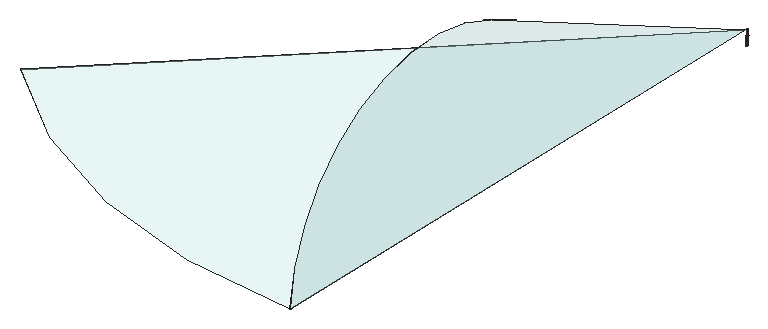
Revit family "Rotor 5000 Series - 5006+PCSAMRSS", category Acessórios do tubo, Revit 2020
Family settings
  Cota do conector redondo = Utilizar diâmetro
  Tipo de parte = Normal
  Número OmniClass = 23.60.30.11.14
  Título OmniClass = Pipework Fittings
  Com base no plano de trabalho = Não
  Sempre na vertical = Sim
  Corte com vazios quando carregada = Não
  Compartilhado = Não
Parameters (values of type "Rain Curtain 6.0")
  Water = Water
  URL = "https://www.rainbird.com/"
  TABLE 65 = "TABLE 65psi"
  TABLE 55 75 = "TABLE 55 75psi"
  TABLE 55 = "TABLE 55psi"
  TABLE 45 = "TABLE 45psi"
  TABLE 35 = "TABLE 35psi"
  TABLE 25 = "TABLE 25psi"
  SupportProjetos: Reviw Date = ""  # constant formula
  SupportProjetos: Reviw = "R00"  # constant formula
  SupportProjetos: Level of Detail = "LOD 300"  # constant formula
  SupportProjetos: Developed = "MICHEL SOARES MOTA"  # constant formula
  SupportProjetos: Creation Date = "07/08/2020"  # constant formula
  Side inlet = no
  Rotation Water Visibility [instance] = Pop up on  # yes
  Rotation Angle [instance] = 45.00°
  RainBird: Product Link = "https://www.rainbird.com/"
  RainBird: Description = "5006+PC-SAM-R-SS Rotor "  # constant formula
  RainBird: Comment [instance] = ""
  RainBird: Code = "Y65950SS"  # constant formula
  Radius [instance] = if(and(Pressure = 25.0 psi, Instance < 25 ft), size_lookup(TABLE 25, "Radius", 0 ft, Instance), if(and(Pressure = 35.0 psi, Instance < 25 ft), size_lookup(TABLE 35, "Radius", 0 ft, Instance), if(and(Pressure = 45.0 psi, Instance < 25 ft), size_lookup(TABLE 45, "Radius", 0 ft, Instance), if(and(Pressure = 55.0 psi, Instance < 13 ft), size_lookup(TABLE 55, "Radius", 0 ft, Instance), if(and(Pressure = 65.0 psi, Instance < 13 ft), size_lookup(TABLE 65, "Radius", 0 ft, Instance), if(and(Pressure > 55.0 psi, Instance > 13 ft), size_lookup(TABLE 55 75, "Radius", 0 ft, Instance), 0 ft))))))  # 50 ft
  RT = 0.009893 ft
  RN = 0.032808 ft
  R5 = 0.03937 ft
  R4 = 0.04101 ft
  R3 = 0.065617 ft
  R2 = 0.075407 ft
  R1 = 0.032808 ft
  Pressure [instance] = 55.0 psi
  Pop up height = 0.499 ft  # constant formula
  Pop up on [instance] = yes
  Modelo = "5006+PCSAMRSS"  # constant formula
  Instance = 7 ft
  H1 = Body height / 3  # 0.268 ft
  Flow [instance] = if(and(Pressure = 25.0 psi, Instance < 25 ft), size_lookup(TABLE 25, "Flow", 0.0 GPM, Instance), if(and(Pressure = 35.0 psi, Instance < 25 ft), size_lookup(TABLE 35, "Flow", 0.0 GPM, Instance), if(and(Pressure = 45.0 psi, Instance < 25 ft), size_lookup(TABLE 45, "Flow", 0.0 GPM, Instance), if(and(Pressure = 55.0 psi, Instance < 13 ft), size_lookup(TABLE 55, "Flow", 0.0 GPM, Instance), if(and(Pressure = 65.0 psi, Instance < 13 ft), size_lookup(TABLE 65, "Flow", 0.0 GPM, Instance), if(and(Pressure > 55.0 psi, Instance > 13 ft), size_lookup(TABLE 55 75, "Flow", 0.0 GPM, Instance), 0.0 GPM))))))  # 6.63 GPM
  Fabricante = "Rain Bird"
  Elevação padrão = 0 ft
  Description = RainBird: Description  # "5006+PC-SAM-R-SS Rotor "
  DD13 = 0.002625 ft
  DD12 = 0.003937 ft
  DD11 = 0.009897 ft
  DD10 = 0.016404 ft
  DD8 [instance] = if(Pop up on, Pop up height, 0 ft)  # 0.499 ft
  DD7 = 0.019685 ft
  DD6 [instance] = 0.016404 ft
  DD5 = 0.065617 ft
  DD4 = 0.032808 ft
  DD3 = 0.091048 ft
  DD2 [instance] = 0.024514 ft
  DD9 [instance] = if(Pop up on, Pop up height + 0.049541 ft, 0 ft)  # 0.548541 ft
  DD1 = 0.006562 ft
  Conection = 0.062664 ft  # constant formula
  Body height = 0.804 ft  # constant formula
  Blue = Blue Plastic
  Black Plastic = Black Plastic
  Angle = 25.00°
Types (25, lengths in ft): name | Rotation Angle | Radius | Pressure | Instance | Flow
  (no name) | 45.00° | 50 | 55.0 psi | 7 | 6.63 GPM
  Rain Curtain 1.5 | 180.00° | 33 | 25.0 psi | 1 | 1.12 GPM
  Rain Curtain 2.0 | 180.00° | 35 | 25.0 psi | 2 | 1.5 GPM
  Rain Curtain 3.0 | 180.00° | 36 | 25.0 psi | 4 | 2.26 GPM
  Rain Curtain 4.0 | 180.00° | 36 | 25.0 psi | 5 | 2.91 GPM
  Rain Curtain 5.0 | 180.00° | 37 | 25.0 psi | 6 | 3.72 GPM
  Rain Curtain 6.0 | 45.00° | 50 | 55.0 psi | 7 | 6.63 GPM
  Rain Curtain 8.0 | 180.00° | 33 | 25.0 psi | 8 | 5.9 GPM
  Rain Curtain 2.5 | 180.00° | 35 | 25.0 psi | 3 | 1.81 GPM
  1.0 LA | 180.00° | 25 | 25.0 psi | 9 | 0.76 GPM
  1.5 LA | 180.00° | 27 | 25.0 psi | 10 | 1.15 GPM
  2.0 LA | 180.00° | 29 | 25.0 psi | 11 | 1.47 GPM
  3.0 LA | 180.00° | 29 | 25.0 psi | 12 | 2.23 GPM
  PRS Rain Curtain 1.5 | 180.00° | 33 | 25.0 psi | 13 | 1.12 GPM
  PRS Rain Curtain 2.0 | 180.00° | 35 | 25.0 psi | 14 | 1.5 GPM
  PRS Rain Curtain 2.5 | 180.00° | 35 | 25.0 psi | 15 | 1.81 GPM
  PRS Rain Curtain 3.0 | 180.00° | 36 | 25.0 psi | 16 | 2.26 GPM
  PRS Rain Curtain 4.0 | 180.00° | 36 | 25.0 psi | 17 | 2.91 GPM
  PRS Rain Curtain 5.0 | 180.00° | 37 | 25.0 psi | 18 | 3.72 GPM
  PRS Rain Curtain 6.0 | 180.00° | 37 | 25.0 psi | 19 | 4.25 GPM
  PRS Rain Curtain 8.0 | 180.00° | 33 | 25.0 psi | 20 | 5.9 GPM
  PRS 1.0 LA | 180.00° | 25 | 25.0 psi | 21 | 0.76 GPM
  PRS 1.5 LA | 180.00° | 27 | 25.0 psi | 22 | 1.15 GPM
  PRS 2.0 LA | 180.00° | 29 | 25.0 psi | 23 | 1.47 GPM
  PRS 3.0 LA | 180.00° | 29 | 25.0 psi | 24 | 2.23 GPM
Reference planes (ft)
  plane 1 "Centro (Frente/Trás)": y = 0
  plane 2: z = 0
  plane 3 "Centro (Esquerda/Direita)": x = 0
  plane 4: z = 0.003937
  plane 5: z = 0.002625
  plane 6: y = -0.065617
Forms (ft)
  Revolve 1, solid, material "Black Plastic" <- "Black Plastic"
    sketch origin (0, 0, 0) x (1, 0, 0) y (0, 0, 1)
      loop
        line (0.075407, -0.091048) -> (0.075407, -0.035324)
        arc (0.075407, -0.035324) -> (0.072509, -0.028329) -> (0.065514, -0.025431) r 0.009893
        line (0.065514, -0.025431) -> (0.046098, -0.025431) -> (0.046098, 0) -> (0.03937, 0) -> (0.03937, -0.499) -> (0.019685, -0.499) -> (0.019685, -0.797438) -> (0.032808, -0.797438) -> (0.032808, -0.804) -> (0.04101, -0.804) -> (0.04101, -0.797438) -> (0.055724, -0.797438)
        arc (0.055724, -0.797438) -> (0.062719, -0.794541) -> (0.065617, -0.787545) r 0.009893
        line (0.065617, -0.787545) -> (0.065617, -0.091048) -> (0.075407, -0.091048)
      axis (0, -0.804) -> (0, 0)
    angle from 0 to 360
  Extrusion 2, solid, material "Black Plastic" <- "Black Plastic"
    sketch origin (0, 0, 0) x (1, 0, 0) y (0, 1, 0)
      loop
        circle (0, 0) r 0.032808
    from -0.499 to 0.499
  Extrusion 3, void
    sketch origin (0, 0, 0) x (1, 0, 0) y (0, 1, 0)
      loop
        circle (0, 0) r 0.022844
    from -0.499 to 0.499
  Revolve 4, solid, material "Black Plastic" <- "Black Plastic"
    sketch origin (0, 0, 0) x (1, 0, 0) y (0, 0, 1)
      loop
        line (0, 0.499) -> (0.037004, 0.499) -> (0.037004, 0.508897)
        arc (0.037004, 0.508897) -> (0.01879, 0.51379) -> (0, 0.515404) r 0.10685
        line (0, 0.515404) -> (0, 0.499)
      axis (0, 0.499) -> (0, 0.515404)
    angle from 0 to 360
  Extrusion 5, solid, material "Blue Plastic" <- "Blue"
    sketch origin (0, 0, 0) x (1, 0, 0) y (0, 0, 1)
      loop
        circle (0, 0.474486) r 0.009129
      loop
        circle (0, 0.474486) r 0.004793
    from 0 to 0.034386
  Extrusion 6, void
    sketch origin (0, 0, 0) x (1, 0, 0) y (0, 0, 1)
      loop
        line (-0.02074, 0.328055) -> (-0.02074, 0.282426) -> (0.020672, 0.282426) -> (0.020672, 0.328055) -> (-0.02074, 0.328055)
      loop
        line (-0.018439, 0.325179) -> (-0.018439, 0.285685) -> (0.018179, 0.285685) -> (0.018179, 0.325179) -> (-0.018439, 0.325179)
    from 0.024556 to 0.06931
  Extrusion 7, solid, material "Black Plastic" <- "Black Plastic"
    sketch origin (0, 0, 0) x (1, 0, 0) y (0, 0, 1)
      loop
        line (0.046098, 0) -> (0.046098, -0.036876) -> (0.073493, -0.036876) -> (0.046098, 0)
    from -0.002998 to 0.002998
  Extrusion 8, solid, material "Black Plastic" <- "Black Plastic"
    sketch origin (0, 0, 0) x (-1, 0, 0) y (0, 0, -1)
      loop
        line (0.046098, 0) -> (0.073493, 0.036876) -> (0.046098, 0.036876) -> (0.046098, 0)
    from -0.002998 to 0.002998
  Extrusion 9, solid, material "Black Plastic" <- "Black Plastic"
    sketch origin (0, 0, 0) x (0.866025, 0.5, 0) y (0, 0, 1)
      loop
        line (0.046098, 0) -> (0.046098, -0.036876) -> (0.073493, -0.036876) -> (0.046098, 0)
    from -0.002998 to 0.002998
  Extrusion 10, solid, material "Black Plastic" <- "Black Plastic"
    sketch origin (0, 0, 0) x (-0.866025, -0.5, 0) y (0, 0, -1)
      loop
        line (0.046098, 0) -> (0.073493, 0.036876) -> (0.046098, 0.036876) -> (0.046098, 0)
    from -0.002998 to 0.002998
  Extrusion 11, solid, material "Black Plastic" <- "Black Plastic"
    sketch origin (0, 0, 0) x (0, 1, 0) y (0, 0, 1)
      loop
        line (0.046098, 0) -> (0.046098, -0.036876) -> (0.073493, -0.036876) -> (0.046098, 0)
    from -0.002998 to 0.002998
  Extrusion 12, solid, material "Black Plastic" <- "Black Plastic"
    sketch origin (0, 0, 0) x (0, -1, 0) y (0, 0, -1)
      loop
        line (0.046098, 0) -> (0.073493, 0.036876) -> (0.046098, 0.036876) -> (0.046098, 0)
    from -0.002998 to 0.002998
  Extrusion 13, solid, material "Black Plastic" <- "Black Plastic"
    sketch origin (0, 0, 0) x (0.5, 0.866025, 0) y (0, 0, 1)
      loop
        line (0.046098, 0) -> (0.046098, -0.036876) -> (0.073493, -0.036876) -> (0.046098, 0)
    from -0.002998 to 0.002998
  Extrusion 14, solid, material "Black Plastic" <- "Black Plastic"
    sketch origin (0, 0, 0) x (-0.5, -0.866025, 0) y (0, 0, -1)
      loop
        line (0.046098, 0) -> (0.073493, 0.036876) -> (0.046098, 0.036876) -> (0.046098, 0)
    from -0.002998 to 0.002998
  Extrusion 15, solid, material "Black Plastic" <- "Black Plastic"
    sketch origin (0, 0, 0) x (-0.5, 0.866025, 0) y (0, 0, 1)
      loop
        line (0.046098, 0) -> (0.046098, -0.036876) -> (0.073493, -0.036876) -> (0.046098, 0)
    from -0.002998 to 0.002998
  Extrusion 16, solid, material "Black Plastic" <- "Black Plastic"
    sketch origin (0, 0, 0) x (0.5, -0.866025, 0) y (0, 0, -1)
      loop
        line (0.046098, 0) -> (0.073493, 0.036876) -> (0.046098, 0.036876) -> (0.046098, 0)
    from -0.002998 to 0.002998
  Extrusion 17, solid, material "Black Plastic" <- "Black Plastic"
    sketch origin (0, 0, 0) x (-0.866025, 0.5, 0) y (0, 0, 1)
      loop
        line (0.046098, 0) -> (0.046098, -0.036876) -> (0.073493, -0.036876) -> (0.046098, 0)
    from -0.002998 to 0.002998
  Extrusion 18, solid, material "Black Plastic" <- "Black Plastic"
    sketch origin (0, 0, 0) x (0.866025, -0.5, 0) y (0, 0, -1)
      loop
        line (0.046098, 0) -> (0.073493, 0.036876) -> (0.046098, 0.036876) -> (0.046098, 0)
    from -0.002998 to 0.002998
  Extrusion 19, void
    sketch origin (0, 0, 0) x (1, 0, 0) y (0, 1, 0)
      loop
        line (-0.002998, 0.077702) -> (-0.002998, 0.071655) -> (0.002998, 0.071655) -> (0.002998, 0.077702) -> (-0.002998, 0.077702)
    from -0.091048 to 0.82021
  Extrusion 20, void
    sketch origin (0, 0, 0) x (1, 0, 0) y (0, 1, 0)
      loop
        line (0.002998, -0.077702) -> (0.002998, -0.071655) -> (-0.002998, -0.071655) -> (-0.002998, -0.077702) -> (0.002998, -0.077702)
    from -0.091048 to 0.82021
  Extrusion 21, void
    sketch origin (0, 0, 0) x (0.965926, 0.258819, 0) y (-0.258819, 0.965926, 0)
      loop
        line (-0.002998, 0.077702) -> (-0.002998, 0.071655) -> (0.002998, 0.071655) -> (0.002998, 0.077702) -> (-0.002998, 0.077702)
    from -0.091048 to 0.82021
  Extrusion 22, void
    sketch origin (0, 0, 0) x (0.965926, 0.258819, 0) y (-0.258819, 0.965926, 0)
      loop
        line (0.002998, -0.077702) -> (0.002998, -0.071655) -> (-0.002998, -0.071655) -> (-0.002998, -0.077702) -> (0.002998, -0.077702)
    from -0.091048 to 0.82021
  Extrusion 23, void
    sketch origin (0, 0, 0) x (0.866025, 0.5, 0) y (-0.5, 0.866025, 0)
      loop
        line (-0.002998, 0.077702) -> (-0.002998, 0.071655) -> (0.002998, 0.071655) -> (0.002998, 0.077702) -> (-0.002998, 0.077702)
    from -0.091048 to 0.82021
  Extrusion 24, void
    sketch origin (0, 0, 0) x (0.866025, 0.5, 0) y (-0.5, 0.866025, 0)
      loop
        line (0.002998, -0.077702) -> (0.002998, -0.071655) -> (-0.002998, -0.071655) -> (-0.002998, -0.077702) -> (0.002998, -0.077702)
    from -0.091048 to 0.82021
  Extrusion 25, void
    sketch origin (0, 0, 0) x (0.5, 0.866025, 0) y (-0.866025, 0.5, 0)
      loop
        line (-0.002998, 0.077702) -> (-0.002998, 0.071655) -> (0.002998, 0.071655) -> (0.002998, 0.077702) -> (-0.002998, 0.077702)
    from -0.091048 to 0.82021
  Extrusion 26, void
    sketch origin (0, 0, 0) x (0.5, 0.866025, 0) y (-0.866025, 0.5, 0)
      loop
        line (0.002998, -0.077702) -> (0.002998, -0.071655) -> (-0.002998, -0.071655) -> (-0.002998, -0.077702) -> (0.002998, -0.077702)
    from -0.091048 to 0.82021
  Extrusion 27, void
    sketch origin (0, 0, 0) x (0.707107, 0.707107, 0) y (-0.707107, 0.707107, 0)
      loop
        line (-0.002998, 0.077702) -> (-0.002998, 0.071655) -> (0.002998, 0.071655) -> (0.002998, 0.077702) -> (-0.002998, 0.077702)
    from -0.091048 to 0.82021
  Extrusion 28, void
    sketch origin (0, 0, 0) x (0.707107, 0.707107, 0) y (-0.707107, 0.707107, 0)
      loop
        line (0.002998, -0.077702) -> (0.002998, -0.071655) -> (-0.002998, -0.071655) -> (-0.002998, -0.077702) -> (0.002998, -0.077702)
    from -0.091048 to 0.82021
  Extrusion 29, void
    sketch origin (0, 0, 0) x (0.258819, 0.965926, 0) y (-0.965926, 0.258819, 0)
      loop
        line (-0.002998, 0.077702) -> (-0.002998, 0.071655) -> (0.002998, 0.071655) -> (0.002998, 0.077702) -> (-0.002998, 0.077702)
    from -0.091048 to 0.82021
  Extrusion 30, void
    sketch origin (0, 0, 0) x (0.258819, 0.965926, 0) y (-0.965926, 0.258819, 0)
      loop
        line (0.002998, -0.077702) -> (0.002998, -0.071655) -> (-0.002998, -0.071655) -> (-0.002998, -0.077702) -> (0.002998, -0.077702)
    from -0.091048 to 0.82021
  Extrusion 31, void
    sketch origin (0, 0, 0) x (0, 1, 0) y (-1, 0, 0)
      loop
        line (-0.002998, 0.077702) -> (-0.002998, 0.071655) -> (0.002998, 0.071655) -> (0.002998, 0.077702) -> (-0.002998, 0.077702)
    from -0.091048 to 0.82021
  Extrusion 32, void
    sketch origin (0, 0, 0) x (0, 1, 0) y (-1, 0, 0)
      loop
        line (0.002998, -0.077702) -> (0.002998, -0.071655) -> (-0.002998, -0.071655) -> (-0.002998, -0.077702) -> (0.002998, -0.077702)
    from -0.091048 to 0.82021
  Extrusion 33, void
    sketch origin (0, 0, 0) x (-0.258819, 0.965926, 0) y (-0.965926, -0.258819, 0)
      loop
        line (-0.002998, 0.077702) -> (-0.002998, 0.071655) -> (0.002998, 0.071655) -> (0.002998, 0.077702) -> (-0.002998, 0.077702)
    from -0.091048 to 0.82021
  Extrusion 34, void
    sketch origin (0, 0, 0) x (-0.258819, 0.965926, 0) y (-0.965926, -0.258819, 0)
      loop
        line (0.002998, -0.077702) -> (0.002998, -0.071655) -> (-0.002998, -0.071655) -> (-0.002998, -0.077702) -> (0.002998, -0.077702)
    from -0.091048 to 0.82021
  Extrusion 35, void
    sketch origin (0, 0, 0) x (-0.5, 0.866025, 0) y (-0.866025, -0.5, 0)
      loop
        line (-0.002998, 0.077702) -> (-0.002998, 0.071655) -> (0.002998, 0.071655) -> (0.002998, 0.077702) -> (-0.002998, 0.077702)
    from -0.091048 to 0.82021
  Extrusion 36, void
    sketch origin (0, 0, 0) x (-0.5, 0.866025, 0) y (-0.866025, -0.5, 0)
      loop
        line (0.002998, -0.077702) -> (0.002998, -0.071655) -> (-0.002998, -0.071655) -> (-0.002998, -0.077702) -> (0.002998, -0.077702)
    from -0.091048 to 0.82021
  Extrusion 37, void
    sketch origin (0, 0, 0) x (-0.707107, 0.707107, 0) y (-0.707107, -0.707107, 0)
      loop
        line (-0.002998, 0.077702) -> (-0.002998, 0.071655) -> (0.002998, 0.071655) -> (0.002998, 0.077702) -> (-0.002998, 0.077702)
    from -0.091048 to 0.82021
  Extrusion 38, void
    sketch origin (0, 0, 0) x (-0.707107, 0.707107, 0) y (-0.707107, -0.707107, 0)
      loop
        line (0.002998, -0.077702) -> (0.002998, -0.071655) -> (-0.002998, -0.071655) -> (-0.002998, -0.077702) -> (0.002998, -0.077702)
    from -0.091048 to 0.82021
  Extrusion 39, void
    sketch origin (0, 0, 0) x (-0.866025, 0.5, 0) y (-0.5, -0.866025, 0)
      loop
        line (-0.002998, 0.077702) -> (-0.002998, 0.071655) -> (0.002998, 0.071655) -> (0.002998, 0.077702) -> (-0.002998, 0.077702)
    from -0.091048 to 0.82021
  Extrusion 40, void
    sketch origin (0, 0, 0) x (-0.866025, 0.5, 0) y (-0.5, -0.866025, 0)
      loop
        line (0.002998, -0.077702) -> (0.002998, -0.071655) -> (-0.002998, -0.071655) -> (-0.002998, -0.077702) -> (0.002998, -0.077702)
    from -0.091048 to 0.82021
  Extrusion 41, void
    sketch origin (0, 0, 0) x (-0.965926, 0.258819, 0) y (-0.258819, -0.965926, 0)
      loop
        line (-0.002998, 0.077702) -> (-0.002998, 0.071655) -> (0.002998, 0.071655) -> (0.002998, 0.077702) -> (-0.002998, 0.077702)
    from -0.091048 to 0.82021
  Extrusion 42, void
    sketch origin (0, 0, 0) x (-0.965926, 0.258819, 0) y (-0.258819, -0.965926, 0)
      loop
        line (0.002998, -0.077702) -> (0.002998, -0.071655) -> (-0.002998, -0.071655) -> (-0.002998, -0.077702) -> (0.002998, -0.077702)
    from -0.091048 to 0.82021
  Extrusion 43, solid, material "Water" <- "Water", visible <- "Rotation Water Visibility"
    sketch origin (0, 0, 0) x (0, 1, 0) y (0, 0, 1)
      loop
        line (-0.032808, 0.474486) -> (-27.969074, 13.50138)
        arc (-27.969074, 13.50138) -> (-42.432078, 12.799272) -> (-50.032808, 0.474486) r 15.534311
        line (-50.032808, 0.474486) -> (-0.032808, 0.474486)
    from -0.008202 to 0.008202
Cuts and joins
  Extrusion 3, Extrusion 6 cuts Extrusion 2
  Extrusion 19, Extrusion 20, Extrusion 21, Extrusion 22, Extrusion 23, Extrusion 24, Extrusion 25, Extrusion 26, Extrusion 27, Extrusion 28, Extrusion 29, Extrusion 30, Extrusion 31, Extrusion 32, Extrusion 33, Extrusion 34, Extrusion 35, Extrusion 36, Extrusion 37, Extrusion 38, Extrusion 39, Extrusion 40, Extrusion 41, Extrusion 42 cuts Revolve 1
Dimensions and locks (ft)
  "Body height": level to Revolve 1 sketch curve
  "R2": Revolve 1 sketch curve to plane 3 "Centro (Esquerda/Direita)"
  "DD1": Revolve 1 sketch curve to Revolve 1 sketch curve
  "DD3": level to Revolve 1 sketch curve
  Revolve 1 sketch curve to plane 3 "Centro (Esquerda/Direita)" = 0.065617 ft
  "R4": Revolve 1 sketch curve to plane 3 "Centro (Esquerda/Direita)"
  "RN": Revolve 1 sketch curve to plane 3 "Centro (Esquerda/Direita)"
  "Pop up height": level to Revolve 1 sketch curve
  "R5": plane 3 "Centro (Esquerda/Direita)" to Revolve 1 sketch curve
  "DD7": Revolve 1 sketch curve to plane 3 "Centro (Esquerda/Direita)"
  "DD8": Extrusion 2 to level
  "DD12": plane 4 to level
  "DD13": plane 5 to level
  "R3": plane 6 to plane 1 "Centro (Frente/Trás)"
  "DD5": Revolve 1 sketch curve to Revolve 1 sketch curve
  "DD10": Revolve 4 sketch curve to Revolve 4 sketch curve
  "DD11": Revolve 4 sketch curve to Revolve 4 sketch curve
  "DD2": Revolve 4 to Extrusion 5 sketch curve  (x2)
  Extrusion 7 to plane 3 "Centro (Esquerda/Direita)" = 0.046098 ft
  equal spacing: Extrusion 7, plane 1 "Centro (Frente/Trás)", Extrusion 7
  Extrusion 8 to Extrusion 8 = 0.005995 ft
  Extrusion 9 to Extrusion 9 = 0.005995 ft
  Extrusion 20 sketch curve to Extrusion 20 sketch curve = 0.005995 ft
  Extrusion 22 sketch curve to Extrusion 22 sketch curve = 0.005995 ft
  Extrusion 24 sketch curve to Extrusion 24 sketch curve = 0.005995 ft
  Extrusion 26 sketch curve to Extrusion 26 sketch curve = 0.005995 ft
  Extrusion 28 sketch curve to Extrusion 28 sketch curve = 0.005995 ft
  Extrusion 30 sketch curve to Extrusion 30 sketch curve = 0.005995 ft
  Extrusion 32 sketch curve to Extrusion 32 sketch curve = 0.005995 ft
  Extrusion 34 sketch curve to Extrusion 34 sketch curve = 0.005995 ft
  Extrusion 36 sketch curve to Extrusion 36 sketch curve = 0.005995 ft
  Extrusion 38 sketch curve to Extrusion 38 sketch curve = 0.005995 ft
  Extrusion 40 sketch curve to Extrusion 40 sketch curve = 0.005995 ft
  Extrusion 42 sketch curve to Extrusion 42 sketch curve = 0.005995 ft
  "DD4": plane 1 "Centro (Frente/Trás)" to Extrusion 43 sketch curve
  "DD2": Revolve 4 to Extrusion 43 sketch curve
  "Radius": Extrusion 43 sketch curve to Extrusion 43 sketch curve
  equal spacing: Extrusion 43, plane 3 "Centro (Esquerda/Direita)", Extrusion 43
  "DD6": Extrusion 43 to Extrusion 43
  "DD2": Revolve 4 to nested 1
  "RT": radius of Revolve 1 sketch curve  (x2)
  "R1": radius of Extrusion 2 sketch curve
  "Angle": angle Extrusion 43 sketch curve to Extrusion 43 sketch curve
  aligned and locked: level to plane 2
  aligned and locked: Revolve 1 sketch curve to Revolve 1 sketch curve
  aligned and locked: Extrusion 2 to Revolve 1
  aligned and locked: cut or joined group of Extrusion 2, Extrusion 3, Extrusion 6 to cut or joined group of Extrusion 2, Extrusion 3, Extrusion 6  (x2)
  aligned and locked: Revolve 4 sketch curve to cut or joined group of Extrusion 2, Extrusion 3, Extrusion 6
  aligned and locked: Extrusion 20 to Revolve 1
  aligned and locked: Extrusion 22 to Revolve 1
  aligned and locked: Extrusion 24 to Revolve 1
  aligned and locked: Extrusion 28 to Revolve 1
  aligned and locked: Extrusion 26 to Revolve 1
  aligned and locked: Extrusion 30 to Revolve 1
  aligned and locked: Extrusion 32 to Revolve 1
  aligned and locked: Extrusion 34 to Revolve 1
  aligned and locked: Revolve 1 to Extrusion 36
  aligned and locked: Revolve 1 to Extrusion 38
  aligned and locked: Extrusion 41 to Revolve 1
  aligned and locked: Extrusion 39 to Revolve 1
  aligned and locked: Extrusion 37 to Revolve 1
  aligned and locked: Extrusion 35 to Revolve 1
  aligned and locked: Extrusion 33 to Revolve 1
  aligned and locked: Extrusion 31 to Revolve 1
  aligned and locked: Extrusion 29 to Revolve 1
  aligned and locked: Revolve 1 to Extrusion 25
  aligned and locked: Revolve 1 to Extrusion 27
  aligned and locked: Revolve 1 to Extrusion 19
  aligned and locked: Revolve 1 to Extrusion 21
  aligned and locked: Revolve 1 to Extrusion 42
  aligned and locked: Revolve 1 to Extrusion 40
  aligned and locked: Revolve 1 to Extrusion 23
Automatic sketch dimensions
  plane 1 "Centro (Frente/Trás)" to Extrusion 2 sketch curve = 0 ft
  Extrusion 2 sketch curve to plane 3 "Centro (Esquerda/Direita)" = 0 ft
  plane 1 "Centro (Frente/Trás)" to Extrusion 3 sketch curve = 0 ft
  Extrusion 3 sketch curve to plane 3 "Centro (Esquerda/Direita)" = 0 ft
  Revolve 4 sketch curve to plane 3 "Centro (Esquerda/Direita)" = 0 ft  (x2)
  plane 3 "Centro (Esquerda/Direita)" to Revolve 4 sketch curve = 0.000284 ft
  plane 3 "Centro (Esquerda/Direita)" to Revolve 4 sketch curve = 0.037004 ft
  Revolve 4 sketch curve to Revolve 4 sketch curve = 0.015719 ft
  Revolve 4 sketch curve to Revolve 4 sketch curve = 0.114829 ft
  Extrusion 5 sketch curve to Extrusion 5 sketch curve = 0 ft
  Extrusion 5 sketch curve to plane 3 "Centro (Esquerda/Direita)" = 0 ft
  Extrusion 6 sketch curve to plane 3 "Centro (Esquerda/Direita)" = 0.02074 ft
  Extrusion 6 sketch curve to Extrusion 6 sketch curve = 0.002301 ft
  plane 3 "Centro (Esquerda/Direita)" to Extrusion 6 sketch curve = 0.018179 ft
  Extrusion 6 sketch curve to Extrusion 6 sketch curve = 0.002492 ft
  plane 4 to Extrusion 6 sketch curve = 0.278489 ft
  Extrusion 6 sketch curve to Extrusion 6 sketch curve = 0.003259 ft
  Extrusion 6 sketch curve to Extrusion 6 sketch curve = 0.039494 ft
  Extrusion 6 sketch curve to Extrusion 6 sketch curve = 0.002876 ft
  Extrusion 7 sketch curve to level = 0 ft
  plane 3 "Centro (Esquerda/Direita)" to Extrusion 7 sketch curve = 0.046098 ft
  Extrusion 7 sketch curve to Extrusion 7 sketch curve = 0.027396 ft
  Extrusion 7 sketch curve to Extrusion 7 sketch curve = 0.036876 ft
  Extrusion 8 sketch curve to level = 0 ft
  plane 3 "Centro (Esquerda/Direita)" to Extrusion 8 sketch curve = 0.046098 ft
  Extrusion 8 sketch curve to Extrusion 8 sketch curve = 0.027396 ft
  Extrusion 8 sketch curve to Extrusion 8 sketch curve = 0.036876 ft
  Extrusion 9 sketch curve to level = 0 ft
  Extrusion 9 sketch curve to level = 0.036876 ft
  Extrusion 9 sketch curve to Extrusion 9 sketch curve = 0.027396 ft
  Extrusion 10 sketch curve to level = 0 ft
  Extrusion 10 sketch curve to level = 0.036876 ft
  Extrusion 10 sketch curve to Extrusion 10 sketch curve = 0.027396 ft
  Extrusion 11 sketch curve to level = 0 ft
  Extrusion 11 sketch curve to plane 1 "Centro (Frente/Trás)" = 0.046098 ft
  Extrusion 11 sketch curve to Extrusion 11 sketch curve = 0.027396 ft
  Extrusion 11 sketch curve to Extrusion 11 sketch curve = 0.036876 ft
  Extrusion 12 sketch curve to level = 0 ft
  plane 6 to Extrusion 12 sketch curve = 0.019519 ft
  Extrusion 12 sketch curve to plane 6 = 0.007877 ft
  Extrusion 12 sketch curve to level = 0.036876 ft
  Extrusion 13 sketch curve to level = 0 ft
  Extrusion 13 sketch curve to level = 0.036876 ft
  Extrusion 13 sketch curve to Extrusion 13 sketch curve = 0.027396 ft
  Extrusion 14 sketch curve to level = 0 ft
  Extrusion 14 sketch curve to level = 0.036876 ft
  Extrusion 14 sketch curve to Extrusion 14 sketch curve = 0.027396 ft
  level to Extrusion 15 sketch curve = 0 ft
  Extrusion 15 sketch curve to level = 0.036876 ft
  Extrusion 15 sketch curve to Extrusion 15 sketch curve = 0.027396 ft
  level to Extrusion 16 sketch curve = 0 ft
  Extrusion 16 sketch curve to level = 0.036876 ft
  Extrusion 16 sketch curve to Extrusion 16 sketch curve = 0.027396 ft
  level to Extrusion 17 sketch curve = 0 ft
  Extrusion 17 sketch curve to level = 0.036876 ft
  Extrusion 17 sketch curve to Extrusion 17 sketch curve = 0.027396 ft
  level to Extrusion 18 sketch curve = 0 ft
  Extrusion 18 sketch curve to level = 0.036876 ft
  Extrusion 18 sketch curve to Extrusion 18 sketch curve = 0.027396 ft
  Extrusion 19 sketch curve to plane 3 "Centro (Esquerda/Direita)" = 0.002998 ft
  Extrusion 19 sketch curve to plane 1 "Centro (Frente/Trás)" = 0.071655 ft
  Extrusion 19 sketch curve to Extrusion 19 sketch curve = 0.006047 ft
  plane 3 "Centro (Esquerda/Direita)" to Extrusion 20 sketch curve = 0.002998 ft
  plane 6 to Extrusion 20 sketch curve = 0.006038 ft
  Extrusion 20 sketch curve to Extrusion 20 sketch curve = 0.006047 ft
  plane 3 "Centro (Esquerda/Direita)" to Extrusion 19 sketch curve = 0.002998 ft
  Extrusion 21 sketch curve to plane 3 "Centro (Esquerda/Direita)" = 0.021441 ft
  Extrusion 21 sketch curve to plane 1 "Centro (Frente/Trás)" = 0.068438 ft
  Extrusion 21 sketch curve to Extrusion 21 sketch curve = 0.005995 ft
  Extrusion 21 sketch curve to Extrusion 21 sketch curve = 0.006047 ft
  Extrusion 22 sketch curve to plane 6 = 0.010213 ft
  plane 3 "Centro (Esquerda/Direita)" to Extrusion 22 sketch curve = 0.017215 ft
  Extrusion 22 sketch curve to Extrusion 22 sketch curve = 0.006047 ft
  Extrusion 23 sketch curve to plane 3 "Centro (Esquerda/Direita)" = 0.038424 ft
  Extrusion 23 sketch curve to plane 1 "Centro (Frente/Trás)" = 0.060556 ft
  Extrusion 23 sketch curve to Extrusion 23 sketch curve = 0.005995 ft
  Extrusion 23 sketch curve to Extrusion 23 sketch curve = 0.006047 ft
  Extrusion 24 sketch curve to plane 6 = 0.003174 ft
  plane 3 "Centro (Esquerda/Direita)" to Extrusion 24 sketch curve = 0.036255 ft
  Extrusion 24 sketch curve to Extrusion 24 sketch curve = 0.006047 ft
  Extrusion 25 sketch curve to plane 1 "Centro (Frente/Trás)" = 0.033231 ft
  Extrusion 25 sketch curve to plane 3 "Centro (Esquerda/Direita)" = 0.063554 ft
  Extrusion 25 sketch curve to Extrusion 25 sketch curve = 0.005995 ft
  Extrusion 25 sketch curve to Extrusion 25 sketch curve = 0.006047 ft
  Extrusion 26 sketch curve to plane 6 = 0.02417 ft
  Extrusion 26 sketch curve to plane 3 "Centro (Esquerda/Direita)" = 0.065793 ft
  Extrusion 26 sketch curve to Extrusion 26 sketch curve = 0.006047 ft
  Extrusion 27 sketch curve to plane 1 "Centro (Frente/Trás)" = 0.048548 ft
  Extrusion 27 sketch curve to plane 3 "Centro (Esquerda/Direita)" = 0.052787 ft
  Extrusion 27 sketch curve to Extrusion 27 sketch curve = 0.005995 ft
  Extrusion 27 sketch curve to Extrusion 27 sketch curve = 0.006047 ft
  plane 6 to Extrusion 28 sketch curve = 0.008554 ft
  plane 3 "Centro (Esquerda/Direita)" to Extrusion 28 sketch curve = 0.052824 ft
  Extrusion 28 sketch curve to Extrusion 28 sketch curve = 0.006047 ft
  Extrusion 29 sketch curve to plane 1 "Centro (Frente/Trás)" = 0.01565 ft
  Extrusion 29 sketch curve to plane 3 "Centro (Esquerda/Direita)" = 0.069989 ft
  Extrusion 29 sketch curve to Extrusion 29 sketch curve = 0.005995 ft
  Extrusion 29 sketch curve to Extrusion 29 sketch curve = 0.006047 ft
  plane 1 "Centro (Frente/Trás)" to Extrusion 30 sketch curve = 0.023006 ft
  plane 3 "Centro (Esquerda/Direita)" to Extrusion 30 sketch curve = 0.074278 ft
  Extrusion 30 sketch curve to Extrusion 30 sketch curve = 0.006047 ft
  plane 1 "Centro (Frente/Trás)" to Extrusion 31 sketch curve = 0.002998 ft
  Extrusion 31 sketch curve to plane 1 "Centro (Frente/Trás)" = 0.002998 ft
  Extrusion 31 sketch curve to plane 3 "Centro (Esquerda/Direita)" = 0.071655 ft
  Extrusion 31 sketch curve to Extrusion 31 sketch curve = 0.006047 ft
  plane 1 "Centro (Frente/Trás)" to Extrusion 32 sketch curve = 0.002998 ft
  plane 3 "Centro (Esquerda/Direita)" to Extrusion 32 sketch curve = 0.077702 ft
  Extrusion 32 sketch curve to Extrusion 32 sketch curve = 0.006047 ft
  plane 1 "Centro (Frente/Trás)" to Extrusion 33 sketch curve = 0.021441 ft
  Extrusion 33 sketch curve to plane 3 "Centro (Esquerda/Direita)" = 0.068438 ft
  Extrusion 33 sketch curve to Extrusion 33 sketch curve = 0.005995 ft
  Extrusion 33 sketch curve to Extrusion 33 sketch curve = 0.006047 ft
  Extrusion 34 sketch curve to plane 1 "Centro (Frente/Trás)" = 0.017215 ft
  plane 3 "Centro (Esquerda/Direita)" to Extrusion 34 sketch curve = 0.07583 ft
  Extrusion 34 sketch curve to Extrusion 34 sketch curve = 0.006047 ft
  plane 6 to Extrusion 35 sketch curve = 0.027193 ft
  Extrusion 35 sketch curve to plane 3 "Centro (Esquerda/Direita)" = 0.060556 ft
  Extrusion 35 sketch curve to Extrusion 35 sketch curve = 0.005995 ft
  Extrusion 35 sketch curve to Extrusion 35 sketch curve = 0.006047 ft
  Extrusion 36 sketch curve to plane 1 "Centro (Frente/Trás)" = 0.036255 ft
  plane 3 "Centro (Esquerda/Direita)" to Extrusion 36 sketch curve = 0.068791 ft
  Extrusion 36 sketch curve to Extrusion 36 sketch curve = 0.006047 ft
  plane 6 to Extrusion 37 sketch curve = 0.012829 ft
  Extrusion 37 sketch curve to plane 3 "Centro (Esquerda/Direita)" = 0.048548 ft
  Extrusion 37 sketch curve to Extrusion 37 sketch curve = 0.005995 ft
  Extrusion 37 sketch curve to Extrusion 37 sketch curve = 0.006047 ft
  Extrusion 38 sketch curve to plane 1 "Centro (Frente/Trás)" = 0.052824 ft
  plane 3 "Centro (Esquerda/Direita)" to Extrusion 38 sketch curve = 0.057063 ft
  Extrusion 38 sketch curve to Extrusion 38 sketch curve = 0.006047 ft
  plane 6 to Extrusion 39 sketch curve = 0.002063 ft
  Extrusion 39 sketch curve to plane 3 "Centro (Esquerda/Direita)" = 0.033231 ft
  Extrusion 39 sketch curve to Extrusion 39 sketch curve = 0.005995 ft
  Extrusion 39 sketch curve to Extrusion 39 sketch curve = 0.006047 ft
  plane 3 "Centro (Esquerda/Direita)" to Extrusion 40 sketch curve = 0.041447 ft
  Extrusion 40 sketch curve to plane 1 "Centro (Frente/Trás)" = 0.065793 ft
  Extrusion 40 sketch curve to Extrusion 40 sketch curve = 0.006047 ft
  Extrusion 41 sketch curve to plane 6 = 0.004372 ft
  Extrusion 41 sketch curve to plane 3 "Centro (Esquerda/Direita)" = 0.01565 ft
  Extrusion 41 sketch curve to Extrusion 41 sketch curve = 0.005995 ft
  Extrusion 41 sketch curve to Extrusion 41 sketch curve = 0.006047 ft
  plane 3 "Centro (Esquerda/Direita)" to Extrusion 42 sketch curve = 0.023006 ft
  Extrusion 42 sketch curve to plane 1 "Centro (Frente/Trás)" = 0.074278 ft
  Extrusion 42 sketch curve to Extrusion 42 sketch curve = 0.006047 ft
  Revolve 1 sketch curve to plane 3 "Centro (Esquerda/Direita)" = 0 ft
  Revolve 1 sketch curve to level = 0 ft
  Revolve 1 sketch curve to Revolve 1 sketch curve = 0.019416 ft
  plane 4 to Revolve 1 sketch curve = 0.079347 ft
  Revolve 1 sketch curve to Revolve 1 sketch curve = 0.918635 ft
  Extrusion 43 sketch curve to level = 0.577487 ft
  radius of Extrusion 3 sketch curve = 0.022844 ft
  radius of Extrusion 5 sketch curve = 0.009129 ft
  radius of Extrusion 5 sketch curve = 0.004793 ft
Nested families (ft)
  nested 1: "Water" at (-0.000046, 0, 0.355227) x (0, -1, 0) z (0, 0, 1), DT9 <- "DD4", Radius <- "Radius", visible <- "Rotation Water Visibility", Rotation Angle <- "Rotation Angle", type "Water"
    with Rotation Angle 45.00°, Radius 50 ft, DT9 0.032808 ft, DT8 0 ft, DT7 200 ft, DT4 250 ft, Angle 2 315.00°
Connectors (ft)
  piping at (0, 0, -0.804), diameter 2
    settings: on cut or joined group of Revolve 1, Extrusion 19, Extrusion 20, Extrusion 21, Extrusion 22, Extrusion 23, Extrusion 24, Extrusion 25, Extrusion 26, Extrusion 27, Extrusion 28, Extrusion 29, Extrusion 30, Extrusion 31, Extrusion 32, Extrusion 33, Extrusion 34, Extrusion 35, Extrusion 36, Extrusion 37, Extrusion 38, Extrusion 39, Extrusion 40, Extrusion 41, Extrusion 42, index 1, connector inside diameter 609.6 mm, connector length 0 ft, flow factor 0, pipe flow 0.0 GPM, pressure drop 0.0 psi, fitting loss kfactor 0, connector angle 0.00°, fixture units 0, engagement length 0 ft, angle of deflection 0.00°, flow configuration 0, flow direction 0, fitting loss method 0, system type 28, joint type 0, gender type 0, connector reference index -1, connector utility 0, adjustable connector no, is connector primary yes, connector description ""
Definition of nested family "Water"
  Parameters (values of type "Water")
    Water Visibility (Circle) = yes
    Water = none
    URL = ""
    SupportProjetos: Reviw Date = ""  # constant formula
    SupportProjetos: Level of Detail = "LOD 300"  # constant formula
    SupportProjetos: Developed = "MICHEL SOARES MOTA"  # constant formula
    SupportProjetos: Creation Date = "16/07/2020"  # constant formula
    Rotation Angle [instance] = 90.00°
    Reviw = "R00"  # constant formula
    Radius [instance] = 14 ft
    Model = ""
    Default Elevation = 4 ft
    Description = ""
    DT9 [instance] = 0.032808 ft
    DT8 [instance] = if(Rotation Angle = 360.00°, 10 ft, 0 ft)  # 0 ft
    DT7 [instance] = 4 * Radius  # 56 ft
    DT4 [instance] = 5 * Radius  # 70 ft
    DT2 = 0.098425 ft  # constant formula
    DT6 = 0 ft
    Angle 2 [instance] = if(Rotation Angle = 360.00°, 180.00°, 360.00° - Rotation Angle)  # 270.00°
  Reference planes (ft)
    plane 1 "Centro (Frente/Trás)": y = 0
    plane 2: z = 0
    plane 3 "Centro (Esquerda/Direita)": x = 0
  Forms (ft)
    Revolve 1, solid, material <- "Water", visible <- "Water Visibility (Circle)"
      sketch origin (0, 0, 0) x (1, 0, 0) y (0, 0, 1)
        loop
          line (0.032808, 0.098425) -> (14.032808, 0.098425) -> (14.032808, 0.119259) -> (0.032808, 0.119259) -> (0.032808, 0.098425)
        axis (0, 0.098425) -> (0, 0.119259)
      angle from 0 to 360
    Extrusion 2, void
      sketch origin (0, 0, 0) x (1, 0, 0) y (0, 1, 0)
        loop
          line (0, 0) -> (70, 0) -> (70, 56)
          arc (70, 56) -> (-70.459018, 51.588344) -> (0, -70) r 81.847109
          line (0, -70) -> (0, 0)
      from 0 to 15.189231
  Cuts and joins
    Extrusion 2 cuts Revolve 1
  Dimensions and locks (ft)
    "DT2": Revolve 1 sketch curve to level
    "DT4": Extrusion 2 sketch curve to Extrusion 2 sketch curve  (x2)
    "DT6": Extrusion 2 sketch curve to plane 3 "Centro (Esquerda/Direita)"
    "DT7": Extrusion 2 sketch curve to Extrusion 2 sketch curve
    "DT8": cut or joined group of Revolve 1, Extrusion 2 to level
    "Radius": Revolve 1 sketch curve to Revolve 1 sketch curve
    "DT9": Revolve 1 sketch curve to plane 3 "Centro (Esquerda/Direita)"
    "Angle 2": angle Extrusion 2 sketch curve to Extrusion 2 sketch curve
    aligned and locked: level to plane 2
    aligned and locked: plane 1 "Centro (Frente/Trás)" to Extrusion 2 sketch curve
  Automatic sketch dimensions
    plane 3 "Centro (Esquerda/Direita)" to Extrusion 2 sketch curve = 1.088227 ft
    Revolve 1 sketch curve to plane 3 "Centro (Esquerda/Direita)" = 0 ft
    Revolve 1 sketch curve to Revolve 1 sketch curve = 0.020833 ft
    Revolve 1 sketch curve to Revolve 1 sketch curve = 0.032113 ft
    Revolve 1 sketch curve to Revolve 1 sketch curve = 10.2693 ft
